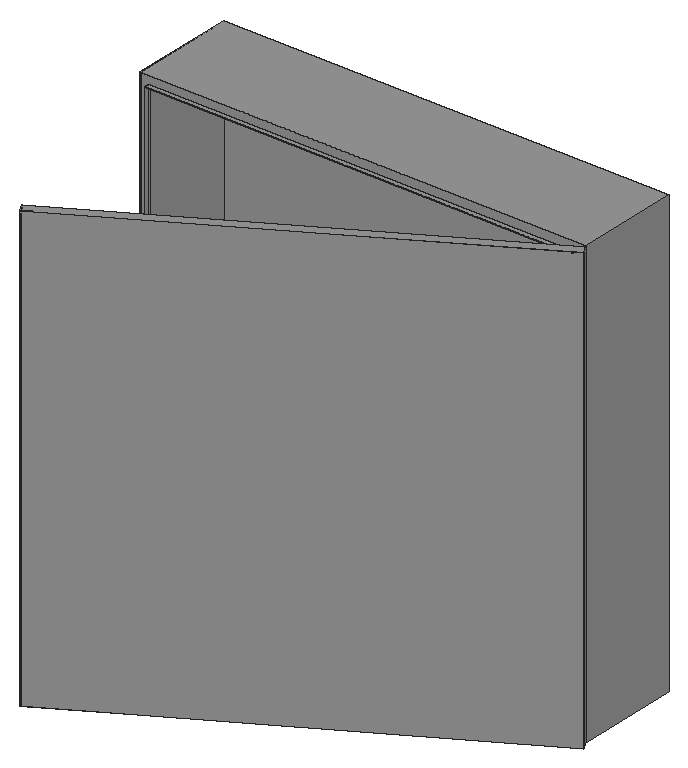
Revit family "Hager-Univers-IP44-D205-H800-Cl.I-Encl-NoHosted-AT-de", category Equipement électrique, Revit 2020
Family settings
  Configuration du panneau = Deux colonnes, circuits au sein
  Cote de connecteur circulaire = Utiliser le diamètre
  Type d'élément = Tableau de raccordement
  Basée sur le plan de construction = Oui
  Toujours verticalement = Oui
  Couper avec des vides une fois chargée = Non
  Partagée = Non
  Point de calcul de pièce = Non
Parameters (values of type "Aufputz IP44 B800 H800 T205  - FP53TN2")
  Width Control [instance] = if([EF000008 - Breite] > Min Width, [EF000008 - Breite], Min Width)  # 800 mm
  Commentaires du type = [HG000003 - Bereich]  # "Univers"
  Thickness Door [instance] = if([EF009171 - Materialstärke Tür/Deckel] > 3 mm, 3 mm, [EF009171 - Materialstärke Tür/Deckel])  # 1 mm
  Seal Frame Offset [instance] = 17 mm  # constant formula
  Plinth Visibility [instance] = [HG000027 - Sockelhöhe] > 0 mm  # no
  Min Width [instance] = 100 mm  # constant formula
  Min Depth [instance] = (2 * [EF009170 - Materialstärke Gehäuse]) + 1 mm  # 3 mm
  Min Height [instance] = 100 mm  # constant formula
  Internal Frame Depth [instance] = (Door System Depth * 0.5)  # 9 mm
  Panel Name [instance] = ""  # (empty or 0)
  Model = ""
  HG000027 - Sockelhöhe = 0 mm
  HG000026 - Stehend auf dem Boden = no
  HG000024 - Höhe des unteren Teils = 600 mm
  HG000023 - Gehäuse mit doppeltem Querschnitt = no
  HG000016 - 3D-Türsichtbarkeit [instance] = yes
  HG000015 - Sichtbarkeit der Türöffnung [instance] = no
  HG000014 - Tür rechts [instance] = yes
  HG000013 - Tür links [instance] = not([HG000014 - Tür rechts])  # no
  HG000012 - Türschwenkwinkel [instance] = 30.00°
  HG000010 - Asymmetrische Türen = no
  HG000009 - Doppelflügeligen Tür = no
  HG000006 - Unterputz = no
  HG000004 - Herstellerreferenz = "FP53TN2"
  HG000003 - Bereich = "Univers"
  HG000002 - Mit tür = yes
  Frame Offset Bottom [instance] = 10 mm  # constant formula
  Frame Offset [instance] = 15 mm  # constant formula
  EF015940 - Deckel mit Überdruckentlastung = no
  EF011959 - Schutzart (NEMA) = ""
  EF009554 - Anzahl der Öffnungen für Flanschplatten = 6
  EF009212 - Ausführung Deckel = "EV000116 - geschlossen"
  EF009171 - Materialstärke Tür/Deckel = 1 mm
  EF009170 - Materialstärke Gehäuse = 1 mm
  EF008873 - Nennstrom (In) = 250 A
  EF007800 - Geeignet für Blitzschutz = no
  EF006306 - Mit Schloss = no
  EF006244 - Transparenter Deckel/Tür = no
  EF005474 - Schutzart (IP) = "EV006418 - IP44"
  EF004464 - Art der Tür = "EV002646 - Einzel"
  EF004427 - Anzahl der Module = 180
  EF004293 - Schlagfestigkeit = "EV006815 - IK09"
  EF003532 - Geeignet für Außengebrauch = no
  EF002950 - Breite in Teilungseinheiten = 36
  EF001613 - Funktionserhalt = "EV000494 - ohne"
  EF001596 - Werkstoff des Gehäuses = "EV000179 - Stahl"
  EF001131 - Innentiefe = 205 mm
  EF001088 - Anbaumöglichkeit = yes
  EF000437 - Anzahl der Leitungseinführungen = 6
  EF000339 - Art der Abdeckung = "EV001012 - Deckel"
  EF000266 - Anzahl der Reihen = 5
  EF000218 - Einbautiefe = 205 mm
  EF000118 - Mit Montageplatte = no
  EF000116 - RAL-Nummer = "9010"
  EF000049 - Tiefe = 205 mm
  EF000040 - Höhe = 800 mm
  EF000008 - Breite = 800 mm
  EF000007 - Farbe = "EV000202 - weiß"
  EF000003 - Montageart = "EV000384 - Aufputz"
  Door System Leaf Tolerance [instance] = 1.5 mm  # constant formula
  Door System Depth [instance] = 18 mm  # constant formula
  Door Height [instance] = Height Control - [HG000027 - Sockelhöhe]  # 800 mm
  Description = ""
  Default Elevation = 1219.2 mm
  Connector Offset [instance] = Height Control / 2  # 400 mm
  Fabricant = "Hager"  # constant formula
  Height Control [instance] = if([EF000040 - Höhe] > Min Height, [EF000040 - Höhe], Min Height)  # 800 mm
  Depth Control [instance] = if([EF000049 - Tiefe] > Min Depth, [EF000049 - Tiefe], Min Depth)  # 205 mm
  Bottom Top Plate Trim [instance] = 1.5 mm  # constant formula
  Plinth height Ctrl [instance] = if([HG000027 - Sockelhöhe] > 0 mm, [HG000027 - Sockelhöhe], 12 mm)  # 12 mm
Types (4, lengths in mm): name | Width Control | HG000009 - Doppelflügeligen Tür | HG000004 - Herstellerreferenz | EF009554 - Anzahl der Öffnungen für Flanschplatten | EF004464 - Art der Tür | EF004427 - Anzahl der Module | EF002950 - Breite in Teilungseinheiten | EF000437 - Anzahl der Leitungseinführungen | EF000008 - Breite
  Aufputz IP44 B1050 H800 T205  - FP54TN2 | 1050 | yes | "FP54TN2" | 8 | "EV003602 - Doppel" | 240 | 48 | 8 | 1050
  Aufputz IP44 B300 H800 T205  - FP51TN2 | 300 | no | "FP51TN2" | 2 | "EV002646 - Einzel" | 60 | 12 | 2 | 300
  Aufputz IP44 B550 H800 T205  - FP52TN2 | 550 | no | "FP52TN2" | 4 | "EV002646 - Einzel" | 120 | 24 | 4 | 550
  Aufputz IP44 B800 H800 T205  - FP53TN2 | 800 | no | "FP53TN2" | 6 | "EV002646 - Einzel" | 180 | 36 | 6 | 800
Reference planes
  plane 1 "Center (Front/Back)": y = 0
  plane 2: z = 0
  plane 3 "Center (Left/Right)": x = 0
  plane 4: y = 0
  plane 5: y = 0
  plane 6: z = 0
  plane 7: x = -400
  plane 8: x = 400
  plane 9: x = 399
  plane 10: x = -399
  plane 11: z = 0
  plane 12: z = 1
  plane 13: y = -205
  plane 14: y = -1
  plane 15: x = 0
  plane 16: y = -187
  plane 17: y = -204
  plane 18: y = -186
  plane 19: x = -384
  plane 20: x = 384
  plane 21: z = 11
  plane 22: x = -383
  plane 23: x = 383
  plane 24: z = 0
  plane 25: z = 800
  plane 26: z = 800
  plane 27: z = 784
  plane 28: z = 799
Forms (mm)
  Extrusion 1, solid, material "Hager_Steel_RAL7035_Light_Grey", detail levels medium+fine
    sketch origin (-208.679, -4572, 0) x (-1, 0, 0) y (0, -1, 0)
      loop
        line (191.321, -4385) -> (-608.679, -4385) -> (-608.679, -4572) -> (191.321, -4572) -> (191.321, -4385)
    from 0 to 800
  Extrusion 2, void
    sketch origin (-350.771, -205, 1219.2) x (1, 0, 0) y (0, 0, 1)
      loop
        line (-48.229, -420.2) -> (-48.229, -1218.2) -> (749.771, -1218.2) -> (749.771, -420.2) -> (-48.229, -420.2)
    from -19 to -204
  Extrusion 3, void
    sketch origin (-290.084, -187, 1219.2) x (1, 0, 0) y (0, 0, 1)
      loop
        line (-93.916, -1208.2) -> (674.084, -1208.2) -> (674.084, -435.2) -> (-93.916, -435.2) -> (-93.916, -1208.2)
    from 0 to -1
  Extrusion 4, solid, material "Hager_Steel_RAL7035_Light_Grey", visible <- "Plinth Visibility", detail levels medium+fine
    sketch origin (0, 0, 0) x (1, 0, 0) y (0, 1, 0)
      loop
        line (-400, 0) -> (-400, -187) -> (400, -187) -> (400, 0) -> (-400, 0)
    from 0 to 12 <- "Plinth height Ctrl"
  Extrusion 5, solid, material "Hager_Steel_RAL7035_Light_Grey", detail levels coarse
    sketch origin (0, 0, 0) x (1, 0, 0) y (0, 1, 0)
      loop
        line (-400, 0) -> (-400, -205) -> (400, -205) -> (400, 0) -> (-400, 0)
    from 0 to 800 <- "Height Control"
  Sweep 6, void
    path in 3D
      loop
        line (-400, -187, 12) -> (400, -187, 12) -> (400, 0, 12) -> (-400, 0, 12) -> (-400, -187, 12)
    profile origin (-400, -93.5, 12) x (1, 0, 0) y (0, 0, 1)
      loop
        line (0, 0) -> (0, -1.5) -> (1.5, -1.5)
        arc (1.5, -1.5) -> (1.061, -0.439) -> (0, 0) r 1.5
  Extrusion 7, solid, material "Hager_Steel_RAL7035_Light_Grey", detail levels fine
    sketch origin (-400, -187, 0) x (1, 0, 0) y (0, 0, 1)
      loop
        line (16, 11) -> (784, 11) -> (784, 784) -> (16, 784) -> (16, 11)
      loop
        line (15, 10) -> (785, 10) -> (785, 785) -> (15, 785) -> (15, 10)
    from 0 to 9 <- "Internal Frame Depth"
Cuts and joins
  Extrusion 2, Extrusion 3 cuts Extrusion 1
  Sweep 6 cuts Extrusion 4
Lines and regions (mm)
  Masking region 1
    outline origin (0, 0, 0) x (1, 0, 0) y (0, 1, 0)
      loop
        line (-400, 0) -> (-400, -205) -> (400, -205) -> (400, 0) -> (-400, 0)
  Masking region 2, detail levels coarse
    outline origin (-290.084, -187, 1219.2) x (-1, 0, 0) y (0, 0, 1)
      loop
        line (-690.084, -1219.2) -> (109.916, -1219.2) -> (109.916, -419.2) -> (-690.084, -419.2) -> (-690.084, -1219.2)
  Masking region 3, detail levels coarse
    outline origin (0, 0, 0) x (0, 1, 0) y (0, 0, 1)
      loop
        line (0, 0) -> (0, 800) -> (-205, 800) -> (-205, 0) -> (0, 0)
  Masking region 4, visible <- "Plinth Visibility", detail levels medium+fine
    outline origin (0, 0, 0) x (0, 1, 0) y (0, 0, 1)
      loop
        line (-1.5, 12) -> (-185.5, 12)
        arc (-185.5, 12) -> (-185.939, 10.939) -> (-187, 10.5) r 1.5
        line (-187, 10.5) -> (-187, 0) -> (0, 0) -> (0, 10.5)
        arc (0, 10.5) -> (-1.061, 10.939) -> (-1.5, 12) r 1.5
  Masking region 5, detail levels medium+fine
    outline origin (0, 0, 594.038) x (0, 1, 0) y (0, 0, 1)
      loop
        line (0, -594.038) -> (0, 205.962) -> (-187, 205.962) -> (-187, -594.038) -> (0, -594.038)
  Masking region 6, detail levels medium+fine
    outline origin (-359.7, -187, 1211.883) x (-1, 0, 0) y (0, 0, 1)
      loop
        line (-759.7, -1211.883) -> (40.3, -1211.883) -> (40.3, -411.883) -> (-759.7, -411.883) -> (-759.7, -1211.883)
  Masking region 7, visible <- "Plinth Visibility", detail levels medium+fine
    outline origin (-320.334, -187, 1041.368) x (-1, 0, 0) y (0, 0, 1)
      loop
        line (-720.334, -1041.368) -> (79.666, -1041.368) -> (79.666, -1030.868)
        arc (79.666, -1030.868) -> (78.606, -1030.429) -> (78.166, -1029.368) r 1.5
        line (78.166, -1029.368) -> (-718.834, -1029.368)
        arc (-718.834, -1029.368) -> (-719.273, -1030.429) -> (-720.334, -1030.868) r 1.5
        line (-720.334, -1030.868) -> (-720.334, -1041.368)
  sketch lines
    curve 1: line (-400, 0, 12) -> (-400, -187, 12)
    curve 2: line (-400, -187, 12) -> (400, -187, 12)
    curve 3: line (400, 0, 12) -> (-400, 0, 12)
    curve 4: line (400, -187, 12) -> (400, 0, 12)
Dimensions and locks
  locked: plane 1 "Center (Front/Back)" to plane 5
  "EF009170 - Materialstärke Gehäuse": plane 7 to plane 10
  "EF009170 - Materialstärke Gehäuse": plane 8 to plane 9
  equal spacing: plane 7, plane 3 "Center (Left/Right)", plane 8
  "Width Control": plane 7 to plane 8
  "Depth Control": plane 4 to plane 13
  "EF009170 - Materialstärke Gehäuse": plane 4 to plane 14
  "Height Control": plane 25 to level
  "HG000027 - Sockelhöhe": plane 11 to level
  "EF009170 - Materialstärke Gehäuse": plane 12 to plane 11
  "EF009170 - Materialstärke Gehäuse": plane 17 to plane 13
  "EF009170 - Materialstärke Gehäuse": plane 18 to plane 16
  "Frame Offset Bottom": plane 21 to plane 12
  "Frame Offset": plane 10 to plane 19
  "Frame Offset": plane 9 to plane 20
  "Door System Depth": plane 16 to plane 13
  "Seal Frame Offset": plane 7 to plane 22
  "Seal Frame Offset": plane 8 to plane 23
  "EF009170 - Materialstärke Gehäuse": plane 26 to plane 28
  "Frame Offset": plane 28 to plane 27
  "Connector Offset": plane 2 to connector elem
  "Bottom Top Plate Trim": profile plane to Sweep 6 sketch curve
  "Bottom Top Plate Trim": Sweep 6 sketch curve to Sweep 6 sketch curve
  "Plinth height Ctrl": Masking region 4 sketch curve to level
  "Plinth height Ctrl": Masking region 7 sketch curve to level
  "Thickness Door": Extrusion 7 sketch curve to Extrusion 7 sketch curve  (x4)
  "Bottom Top Plate Trim": radius of Sweep 6 sketch curve
  "Bottom Top Plate Trim": radius of Masking region 4 sketch curve  (x2)
  "Bottom Top Plate Trim": radius of Masking region 7 sketch curve  (x2)
  aligned and locked: Extrusion 2 sketch curve to plane 12
  aligned and locked: Extrusion 2 sketch curve to plane 9
  aligned and locked: Extrusion 2 sketch curve to plane 10
  aligned and locked: Extrusion 2 to plane 14
  aligned and locked: Extrusion 1 sketch curve to plane 4
  aligned and locked: plane 8 to Extrusion 1 sketch curve
  aligned and locked: plane 7 to Extrusion 1 sketch curve
  aligned and locked: Extrusion 2 to plane 18
  aligned and locked: Extrusion 3 sketch curve to plane 19
  aligned and locked: plane 20 to Extrusion 3 sketch curve
  aligned and locked: Extrusion 3 to Extrusion 2
  aligned and locked: Extrusion 3 sketch curve to plane 21
  aligned and locked: plane 3 "Center (Left/Right)" to nested 1
  aligned and locked: Extrusion 1 sketch curve to plane 16
  aligned and locked: Extrusion 4 sketch curve to cut or joined group of Extrusion 1, Extrusion 2, Extrusion 3
  aligned and locked: Masking region 1 sketch curve to plane 7
  aligned and locked: Masking region 1 sketch curve to plane 5
  aligned and locked: Masking region 1 sketch curve to plane 8
  aligned and locked: Masking region 2 sketch curve to level
  aligned and locked: level to Masking region 3 sketch curve
  aligned and locked: plane 1 "Center (Front/Back)" to Masking region 3 sketch curve
  aligned and locked: plane 13 to Masking region 3 sketch curve
  aligned and locked: plane 5 to Masking region 4 sketch curve
  aligned and locked: Masking region 2 sketch curve to plane 8
  aligned and locked: Masking region 2 sketch curve to plane 7
  aligned and locked: plane 7 to nested 2
  aligned and locked: nested 2 to plane 5
  aligned and locked: plane 5 to Masking region 5 sketch curve
  aligned and locked: plane 26 to Masking region 5 sketch curve
  aligned and locked: Extrusion 5 sketch curve to plane 8
  aligned and locked: Extrusion 5 sketch curve to plane 7
  aligned and locked: Extrusion 5 sketch curve to plane 5
  aligned and locked: Extrusion 3 sketch curve to plane 27
  aligned and locked: Extrusion 2 sketch curve to plane 28
  aligned and locked: Masking region 2 to plane 25
  aligned and locked: Extrusion 4 to plane 16
  aligned and locked: profile plane to Sweep 6 sketch curve
  aligned and locked: Masking region 5 sketch curve to plane 24
  aligned and locked: level to Masking region 4 sketch curve
  aligned and locked: Masking region 1 to plane 13
  aligned and locked: nested 1 to plane 16
  aligned and locked: Masking region 3 to plane 25
  aligned and locked: plane 16 to Masking region 4 sketch curve
  aligned and locked: Masking region 5 sketch curve to plane 16
  aligned and locked: plane 24 to plane 11
  aligned and locked: plane 26 to plane 25
  aligned and locked: plane 26 to cut or joined group of Extrusion 1, Extrusion 2, Extrusion 3
  aligned and locked: nested 1 to plane 24
  aligned and locked: Extrusion 1 to Extrusion 3
  aligned and locked: Masking region 6 sketch curve to plane 8
  aligned and locked: Masking region 6 sketch curve to plane 24
  aligned and locked: Masking region 6 sketch curve to plane 7
  aligned and locked: Masking region 6 sketch curve to plane 26
  aligned and locked: Masking region 7 sketch curve to plane 7
  aligned and locked: level to Masking region 7 sketch curve
  aligned and locked: Masking region 7 sketch curve to plane 8
  aligned and locked: Extrusion 7 sketch curve to cut or joined group of Extrusion 1, Extrusion 2, Extrusion 3  (x4)
Automatic sketch dimensions
  plane 19 to Extrusion 3 sketch curve = 0 mm
  Extrusion 3 sketch curve to plane 20 = 0 mm
  Extrusion 3 sketch curve to plane 21 = 0 mm
  Extrusion 4 sketch curve to plane 7 = 0 mm
  Extrusion 4 sketch curve to plane 8 = 0 mm
  Extrusion 4 sketch curve to plane 16 = 0 mm
  Masking region 1 sketch curve to plane 13 = 0 mm
  Masking region 2 sketch curve to plane 25 = 0 mm
  Masking region 3 sketch curve to plane 25 = 0 mm
  Extrusion 5 sketch curve to plane 13 = 0 mm
  profile plane to Sweep 6 sketch curve = 0 mm
Nested families
  nested 1: "EC000058_Univers_Door" at (0, -187, 0), Double <- "HG000009 - Doppelflügeligen Tür", Transparent <- "EF006244 - Transparenter Deckel/Tür", Angle <- "HG000012 - Türschwenkwinkel", Door_Right <- "HG000014 - Tür rechts", Assymetrical <- "HG000010 - Asymmetrische Türen", Door <- "HG000002 - Mit tür", Width_Ctrl <- "Width Control", 3d_Door <- "HG000016 - 3D-Türsichtbarkeit", Clearance <- "HG000015 - Sichtbarkeit der Türöffnung", Door_Left <- "HG000013 - Tür links", Width <- "Width Control", Door_Depth <- "Door System Depth", Leaf_Tolerance <- "Door System Leaf Tolerance", Height <- "Door Height", Lock_Visibility <- "EF006306 - Mit Schloss", Thickness <- "Thickness Door", type "EC000058_Univers_Door", detail levels medium+fine
    with min_wh 3 mm, Width_Ctrl 800 mm, Width 800 mm, Transparent no, Thickness 1 mm, Seal_Material Hager_Rubber, Lock_Visibility no, Lock_Material Hager_Plastic_RAL9005_Jet_Black, Leaf_Width 800 mm, Leaf_Tolerance_External_Sides 0 mm, Leaf_Tolerance 1.5 mm, Leaf_Offset 0 mm, Leaf_Height 797 mm, Leaf_2_Width 800 mm, Leaf_2_Offset 400 mm, Leaf_1_Width 800 mm, Leaf_1_Offset 400 mm, Height_Ctrl 800 mm, Height 800 mm, Glass_Material Hager_Glass, Double_Clearance_Ctrl no, Double no, Door_Right_Ctrl yes, Door_Right yes, Door_Material Hager_Steel_RAL7035_Light_Grey, Door_Left_Ctrl no, Door_Left no, Door_Depth 18 mm, Door yes, Clearance_Material Hager_Clearance, Clearance_Depth 800 mm, Clearance_Ctrl no, Clearance no, Assymetrical no, Angle 30.00°, 3d_Door yes
  nested 2: "Hager_Enclosure_Symbol" at (-400, 0, 0), Height <- "Depth Control", Width <- "Width Control", type "Hager_Enclosure_Symbol"
    with Width_Ctrl 800 mm, Width 800 mm, Height_Ctrl 205 mm, Height 205 mm, A_Width_Int 13.453 mm, A_Width 161.438 mm, A_Height_Ctrl 179.375 mm, A_Height 179.375 mm
Connectors
  electrical at (0, 0, 400)
    settings: on plane 1 "Center (Front/Back)", index 1, voltage 0 V, apparent load 0 VA, apparent load phase1 0 VA, apparent load phase2 0 VA, apparent load phase3 0 VA, power factor 1, load classification "Other", number of poles 1, system type 30, power factor state 1, is connector primary yes, connector utility no, sub classification motor no, connector description ""
Definition of nested family "EC000058_Univers_Door"
  Parameters (values of type "EC000058_Univers_Door")
    min_wh [instance] = (2 * Thickness) + 1 mm  # 11 mm
    Width_Ctrl [instance] = 400 mm
    Width [instance] = 500 mm
    Transparent [instance] = yes
    Thickness [instance] = 5 mm
    Seal_Material [instance] = none
    Lock_Visibility [instance] = yes
    Lock_Material [instance] = none
    Leaf_Width [instance] = if((Width_Ctrl - 2 * Leaf_Tolerance_External_Sides) > 0 mm, (Width_Ctrl - 2 * Leaf_Tolerance_External_Sides), min_wh)  # 400 mm
    Leaf_Tolerance_External_Sides [instance] = 0 mm  # constant formula
    Leaf_Tolerance [instance] = 1.5 mm
    Leaf_Offset [instance] = 0 mm  # constant formula
    Leaf_Height [instance] = if((Height_Ctrl - 2 * Leaf_Tolerance) > 0 mm, (Height_Ctrl - 2 * Leaf_Tolerance), min_wh)  # 497 mm
    Leaf_2_Width [instance] = if(and(and(Double, Assymetrical), Door_Left), (Leaf_Width / 3) - (Leaf_Tolerance / 2), if(and(and(Double, Assymetrical), Door_Right), (Leaf_Width / 3) * 2 - (Leaf_Tolerance / 2), if(and(Double, not(Assymetrical)), (Leaf_Width / 2) - Leaf_Tolerance, Leaf_Width)))  # 400 mm
    Leaf_2_Offset [instance] = if(and(Double, Assymetrical), Leaf_2_Width / 2, if(and(Double, not(Assymetrical)), Leaf_Width / 4, Leaf_Width / 2))  # 200 mm
    Leaf_1_Width [instance] = if(and(and(Double, Assymetrical), Door_Right), (Leaf_Width / 3) - (Leaf_Tolerance / 2), if(and(and(Double, Assymetrical), Door_Left), (Width / 3) * 2 - (Leaf_Tolerance / 2), if(and(Double, not(Assymetrical)), (Leaf_Width / 2) - Leaf_Tolerance, Leaf_Width)))  # 400 mm
    Leaf_1_Offset [instance] = if(and(Double, Assymetrical), Leaf_1_Width / 2, if(and(Double, not(Assymetrical)), Leaf_Width / 4, Leaf_Width / 2))  # 200 mm
    Height_Ctrl [instance] = if(Height > min_wh, Height, min_wh)  # 500 mm
    Height [instance] = 500 mm
    Glass_Material [instance] = none
    Double_Clearance_Ctrl [instance] = and(Double, Clearance)  # no
    Double [instance] = no
    Door_Right_Ctrl [instance] = and(or(Door_Right, Double), Door)  # yes
    Door_Right [instance] = yes
    Door_Material [instance] = none
    Door_Left_Ctrl [instance] = and(or(Door_Left, Double), Door)  # no
    Door_Left [instance] = no
    Door_Depth [instance] = 30 mm
    Door [instance] = yes
    Default Elevation = 1219.2 mm
    Clearance_Material [instance] = none
    Clearance_Depth [instance] = if(Leaf_1_Width > Leaf_2_Width, Leaf_1_Width, Leaf_2_Width)  # 400 mm
    Clearance_Ctrl [instance] = and(not(Double), Clearance)  # yes
    Clearance [instance] = yes
    Assymetrical [instance] = yes
    Angle [instance] = 30.00°
    3d_Door [instance] = yes
  Reference planes
    plane 1 "Center (Front/Back)": y = 0
    plane 2 "Bottom": z = 0
    plane 3 "Center (Left/Right)": x = 0
    plane 4: z = 500
    plane 5: x = -200
    plane 6: x = 200
    plane 7: z = 500
    plane 8: x = -200
    plane 9: z = 0
    plane 10: x = 200
    plane 11: y = 0
    plane 12: z = 1.5
    plane 13: x = -600
    plane 14: y = -400
    plane 15: x = 600
    plane 16: x = 0
    plane 17: x = 0
    plane 18: x = -200
    plane 19: x = 200
    plane 20: z = 498.5
  Forms (mm)
    Extrusion 1, solid, material <- "Clearance_Material", visible <- "Double_Clearance_Ctrl"
      sketch origin (1200, 0, 0) x (1, 0, 0) y (0, 0, -1)
        loop
          line (-1800, -498.5) -> (-600, -498.5) -> (-600, 0) -> (-1800, 0) -> (-1800, -498.5)
      from 0 to -400
  Dimensions and locks
    equal spacing: plane 5, plane 3 "Center (Left/Right)", plane 6
    "Width_Ctrl": plane 5 to plane 6
    "Leaf_Offset": plane 5 to plane 8
    "Leaf_Offset": plane 6 to plane 10
    "Leaf_Offset": plane 9 to level
    "Leaf_Offset": plane 4 to plane 7
    "Height_Ctrl": plane 4 to level
    "Leaf_Tolerance": plane 12 to plane 9
    locked: plane 11 to plane 1 "Center (Front/Back)"
    "Leaf_1_Offset": plane 18 to plane 16
    "Leaf_2_Offset": plane 17 to plane 19
    "Leaf_1_Width": plane 13 to plane 8
    "Leaf_2_Width": plane 10 to plane 15
    "Clearance_Depth": plane 14 to plane 1 "Center (Front/Back)"
    "Leaf_Tolerance_External_Sides": plane 8 to plane 18
    "Leaf_Tolerance_External_Sides": plane 19 to plane 10
    "Leaf_Tolerance": plane 7 to plane 20
    aligned and locked: level to plane 2 "Bottom"
    aligned and locked: nested 1 to plane 16
    aligned and locked: nested 2 to plane 17
    aligned and locked: Extrusion 1 to plane 13
    aligned and locked: plane 15 to Extrusion 1
    aligned and locked: Extrusion 1 to plane 14
    aligned and locked: plane 12 to nested 1
    aligned and locked: nested 2 to plane 12
    aligned and locked: Extrusion 1 to plane 11
    aligned and locked: plane 20 to Extrusion 1
    aligned and locked: nested 2 to plane 11
    aligned and locked: nested 1 to plane 11
  Automatic sketch dimensions
    Extrusion 1 sketch curve to level = 0 mm
    plane 5 to Extrusion 1 sketch curve = 400 mm
    plane 6 to Extrusion 1 sketch curve = 400 mm
    Extrusion 1 sketch curve to plane 4 = 1.5 mm
  Nested families
    nested 1: "EC000058_Univers_Door_Leaf" at (0, 0, 1.5), Width <- "Leaf_1_Width", visible <- "Door_Left_Ctrl", Leaf_Height <- "Leaf_Height", Angle <- "Angle", 3d_Door <- "3d_Door", Transparent <- "Transparent", Clearance Material <- "Clearance_Material", Clearance <- "Clearance_Ctrl", Door_Material <- "Door_Material", Glass_Material <- "Glass_Material", Door_Depth <- "Door_Depth", Lock_Material <- "Lock_Material", Seal_Material <- "Seal_Material", Lock_Visibility <- "Lock_Visibility", Thickness <- "Thickness", type "EC000058_Univers_Door_Leaf"
      with Width 400 mm, Transparent_Glass_Offset 30 mm, Transparent_Ctrl yes, Transparent yes, Thickness 5 mm, Standard no, Seal_Material none, Seal_D2 8 mm, Seal_D1 1 mm, Offset_Internal_Frame 10 mm, Lock_Width 20 mm, Lock_Visibility_3d yes, Lock_Visibility yes, Lock_Thickness_3 3 mm, Lock_Thickness_2 1 mm, Lock_Thickness_1 3 mm, Lock_Radius_Offset_2 16 mm, Lock_Radius_Offset_1 15 mm, Lock_Radius_2 5 mm, Lock_Radius 6 mm, Lock_Offset 5 mm, Lock_Material none, Lock_Height 80 mm, Lock_Cover_Top_Offset_2d 17 mm, Lock_Cover_Height -65 mm, Leaf_Height 497 mm, Internal_Seal_Thickness 8 mm, Internal_Seal_Depth_2 4.5 mm, Internal_Frame_Depth 25 mm, Glass_Thickness -1 mm, Glass_Offset -2 mm, Glass_Material none, Door_Material none, Door_Depth 30 mm, Clearance Material none, Clearance yes, Angle_Ctrl 30.00°, Angle 30.00°, 3d_Door yes
    nested 2: "EC000058_Univers_Door_Leaf" at (0, 0, 1.5) x (-1, 0, 0) z (0, 0, 1), Width <- "Leaf_2_Width", visible <- "Door_Right_Ctrl", Leaf_Height <- "Leaf_Height", Angle <- "Angle", 3d_Door <- "3d_Door", Transparent <- "Transparent", Clearance Material <- "Clearance_Material", Clearance <- "Clearance_Ctrl", Door_Material <- "Door_Material", Glass_Material <- "Glass_Material", Door_Depth <- "Door_Depth", Lock_Material <- "Lock_Material", Seal_Material <- "Seal_Material", Lock_Visibility <- "Lock_Visibility", Thickness <- "Thickness", type "EC000058_Univers_Door_Leaf"
      with Width 400 mm, Transparent_Glass_Offset 30 mm, Transparent_Ctrl yes, Transparent yes, Thickness 5 mm, Standard no, Seal_Material none, Seal_D2 8 mm, Seal_D1 1 mm, Offset_Internal_Frame 10 mm, Lock_Width 20 mm, Lock_Visibility_3d yes, Lock_Visibility yes, Lock_Thickness_3 3 mm, Lock_Thickness_2 1 mm, Lock_Thickness_1 3 mm, Lock_Radius_Offset_2 16 mm, Lock_Radius_Offset_1 15 mm, Lock_Radius_2 5 mm, Lock_Radius 6 mm, Lock_Offset 5 mm, Lock_Material none, Lock_Height 80 mm, Lock_Cover_Top_Offset_2d 17 mm, Lock_Cover_Height -65 mm, Leaf_Height 497 mm, Internal_Seal_Thickness 8 mm, Internal_Seal_Depth_2 4.5 mm, Internal_Frame_Depth 25 mm, Glass_Thickness -1 mm, Glass_Offset -2 mm, Glass_Material none, Door_Material none, Door_Depth 30 mm, Clearance Material none, Clearance yes, Angle_Ctrl 30.00°, Angle 30.00°, 3d_Door yes
  Definition of nested family "EC000058_Univers_Door_Leaf"
    Parameters (values of type "EC000058_Univers_Door_Leaf")
      Width [instance] = 2000 mm
      Transparent_Glass_Offset [instance] = 30 mm
      Transparent_Ctrl [instance] = and(Transparent, [3d_Door])  # yes
      Transparent [instance] = yes
      Thickness [instance] = 5 mm
      Standard [instance] = and(not(Transparent), [3d_Door])  # no
      Seal_Material [instance] = none
      Seal_D2 [instance] = 8 mm  # constant formula
      Seal_D1 [instance] = 1 mm  # constant formula
      Offset_Internal_Frame [instance] = 10 mm  # constant formula
      Lock_Width [instance] = 20 mm  # constant formula
      Lock_Visibility_3d [instance] = and(Lock_Visibility, [3d_Door])  # yes
      Lock_Visibility [instance] = yes
      Lock_Thickness_3 [instance] = 3 mm  # constant formula
      Lock_Thickness_2 [instance] = 1 mm  # constant formula
      Lock_Thickness_1 [instance] = 3 mm  # constant formula
      Lock_Radius_Offset_2 [instance] = Lock_Radius_Offset_1 + 1 mm  # 16 mm
      Lock_Radius_Offset_1 [instance] = 15 mm  # constant formula
      Lock_Radius_2 [instance] = Lock_Radius - 1 mm  # 5 mm
      Lock_Radius [instance] = 6 mm  # constant formula
      Lock_Offset [instance] = 5 mm  # constant formula
      Lock_Material [instance] = none
      Lock_Height [instance] = 80 mm  # constant formula
      Lock_Cover_Top_Offset_2d [instance] = Lock_Radius_Offset_2 + 1 mm  # 17 mm
      Lock_Cover_Height [instance] = -(Lock_Height - Lock_Radius_Offset_1)  # -65 mm
      Leaf_Height [instance] = 2720.336 mm
      Internal_Seal_Thickness [instance] = 8 mm  # constant formula
      Internal_Seal_Depth_2 [instance] = 4.5 mm  # constant formula
      Internal_Frame_Depth [instance] = if(Door_Depth - Thickness > 5 mm, Door_Depth - Thickness, 5 mm)  # 25 mm
      Glass_Thickness [instance] = if(Thickness > 15 mm, Glass_Offset + 10 mm, -1 mm)  # -1 mm
      Glass_Offset [instance] = if(Thickness > 15 mm, -(Thickness + 10 mm) / 2, -2 mm)  # -2 mm
      Glass_Material [instance] = none
      Door_Material [instance] = none
      Door_Depth [instance] = 30 mm
      Default Elevation = 0 mm
      Clearance Material [instance] = none
      Clearance [instance] = yes
      Angle_Ctrl [instance] = if(Angle > 180.00°, 180.00°, Angle)  # 90.00°
      Angle [instance] = 90.00°
      3d_Door [instance] = yes
    Reference planes
      plane 1 "Center (Front/Back)": y = 0
      plane 2: z = 0
      plane 3 "Center (Left/Right)": x = 0
      plane 4: y = 2000
      plane 5: x = -1000
      plane 6: x = 1000
      plane 7: x = -3000
      plane 8: z = 2720.336
      plane 9: z = 30
      plane 10: z = 2690.336
      plane 11: x = 970
      plane 12: x = -970
      plane 13: y = -3
      plane 14: z = 107.833
      plane 15: y = -5
      plane 16: y = -223.314
      plane 17: x = -1000
      plane 18: z = 1360.168
      plane 19: y = 30
    Forms (mm)
      Extrusion 1, solid, material <- "Clearance Material", visible <- "Clearance"
        sketch origin (0, 0, 0) x (1, 0, 0) y (0, 0, 1)
          loop
            line (-3000, 2720.336) -> (-3000, 0) -> (1000, 0) -> (1000, 2720.336) -> (-3000, 2720.336)
        from 0 to -2000
      Extrusion 2, solid, material <- "Door_Material", visible <- "Standard", detail levels medium+fine
        sketch origin (-1000, 0, 0) x (0, 1, 0) y (-1, 0, 0)
          loop
            line (0, 30) -> (0, 25) -> (2000, 25) -> (2000, 30) -> (0, 30)
        from 0 to 2720.336 <- "Leaf_Height"
      Extrusion 3, solid, material <- "Door_Material", visible <- "Transparent_Ctrl", detail levels medium+fine
        sketch origin (-1000, 0, 0) x (0, 1, 0) y (-1, 0, 0)
          loop
            line (0, 25) -> (2000, 25) -> (2000, 30) -> (0, 30) -> (0, 25)
        from 0 to 2720.336 <- "Leaf_Height"
      Extrusion 4, void
        sketch origin (-1025, 2000, 0) x (0, 1, 0) y (0, 0, -1)
          loop
            line (-30, -2690.336) -> (-30, -30) -> (-1970, -30) -> (-1970, -2690.336) -> (-30, -2690.336)
        from 0 to 5 <- "Thickness"
      Sweep 5, solid, material <- "Seal_Material", visible <- "Transparent_Ctrl", detail levels fine
        path in 3D
          loop
            line (-1025, 30, 30) -> (-1025, 30, 2690.336) -> (-1025, 1970, 2690.336) -> (-1025, 1970, 30) -> (-1025, 30, 30)
        profile origin (-1025, 1000, 30) x (1, 0, 0) y (0, 0, 1)
          loop
            line (0, 0) -> (0, -8) -> (1, -8) -> (1, 0) -> (0, 0)
      Extrusion 6, solid, material <- "Glass_Material", visible <- "Transparent_Ctrl", detail levels medium+fine
        sketch origin (-1030, 0, 0) x (0, 1, 0) y (0, 0, -1)
          loop
            line (1970, -2690.336) -> (1970, -30) -> (30, -30) -> (30, -2690.336) -> (1970, -2690.336)
        from -2 <- "Glass_Offset" to -1 <- "Glass_Thickness"
      Extrusion 7, solid, material <- "Door_Material", visible <- "3d_Door", detail levels medium+fine
        sketch origin (-1025, 2000, 0) x (0, -1, 0) y (0, 0, -1)
          loop
            line (0, -2720.336) -> (2000, -2720.336) -> (2000, 0) -> (0, 0) -> (0, -2720.336)
          loop
            line (1995, -5) -> (5, -5) -> (5, -2715.336) -> (1995, -2715.336) -> (1995, -5)
        from 0 to 25 <- "Internal_Frame_Depth"
      Sweep 8, solid, material <- "Seal_Material", visible <- "Transparent_Ctrl", detail levels fine
        path in 3D
          loop
            line (-1025, 0, 0) -> (-1025, 2000, 0) -> (-1025, 2000, 2720.336) -> (-1025, 0, 2720.336) -> (-1025, 0, 0)
        profile origin (-1025, 0, 1360.168) x (1, 0, 0) y (0, 1, 0)
          loop
            line (0, 10) -> (2.975, 10)
            arc (2.975, 10) -> (4.053, 10.447) -> (4.5, 11.525) r 1.525
            line (4.5, 11.525) -> (4.5, 16.527)
            arc (4.5, 16.527) -> (4.069, 17.569) -> (3.027, 18) r 1.473
            line (3.027, 18) -> (0, 18) -> (0, 10)
      Extrusion 9, solid, material <- "Lock_Material", visible <- "Lock_Visibility_3d", detail levels fine
        sketch origin (-1030, 0, 0) x (0, 1, 0) y (0, 0, -1)
          loop
            arc (1993.5, -1400.168) -> (1994.561, -1399.729) -> (1995, -1398.668) r 1.5
            line (1995, -1398.668) -> (1995, -1320.168) -> (1975, -1320.168) -> (1975, -1398.668)
            arc (1975, -1398.668) -> (1975.439, -1399.729) -> (1976.5, -1400.168) r 1.5
            line (1976.5, -1400.168) -> (1993.5, -1400.168)
        from 3 <- "Lock_Thickness_1" to 0
      Blend 10, solid, material <- "Lock_Material", visible <- "Lock_Visibility_3d", detail levels fine
        base sketch origin (-1033, 0, 0) x (0, 1, 0) y (0, 0, -1)
          loop
            line (1975, -1320.168) -> (1975, -1398.668)
            arc (1975, -1398.668) -> (1975.439, -1399.729) -> (1976.5, -1400.168) r 1.5
            line (1976.5, -1400.168) -> (1993.5, -1400.168)
            arc (1993.5, -1400.168) -> (1994.561, -1399.729) -> (1995, -1398.668) r 1.5
            line (1995, -1398.668) -> (1995, -1320.168) -> (1975, -1320.168)
        top sketch origin (-1033, 0, 0) x (0, 1, 0) y (0, 0, -1)
          loop
            line (1976, -1320.168) -> (1976, -1398.668)
            arc (1976, -1398.668) -> (1976.146, -1399.022) -> (1976.5, -1399.168) r 0.5
            line (1976.5, -1399.168) -> (1993.5, -1399.168)
            arc (1993.5, -1399.168) -> (1993.854, -1399.022) -> (1994, -1398.668) r 0.5
            line (1994, -1398.668) -> (1994, -1320.168) -> (1976, -1320.168)
        from 0 to 1 <- "Lock_Thickness_2"
      Blend 11, solid, material <- "Lock_Material", visible <- "Lock_Visibility_3d", detail levels fine
        base sketch origin (-1034, 0, 0) x (0, 1, 0) y (0, 0, -1)
          loop
            line (1978, -1320.168) -> (1978, -1384.168)
            arc (1978, -1384.168) -> (1985, -1391.168) -> (1992, -1384.168) r 7
            line (1992, -1384.168) -> (1992, -1320.168) -> (1978, -1320.168)
        top sketch origin (-1034, 0, 0) x (0, 1, 0) y (0, 0, -1)
          loop
            line (1991, -1320.168) -> (1979, -1320.168) -> (1979, -1383.168)
            arc (1979, -1383.168) -> (1985, -1389.168) -> (1991, -1383.168) r 6
            line (1991, -1383.168) -> (1991, -1320.168)
        from 0 to 3 <- "Lock_Thickness_3"
      Extrusion 12, solid, material <- "Lock_Material", visible <- "Lock_Visibility_3d", detail levels fine
        sketch origin (-1030, 1975, 1320.168) x (1, 0, 0) y (0, -1, 0)
          loop
            line (-7, -19) -> (-7, -1) -> (0, -1) -> (0, 0) -> (-8, 0) -> (-8, -20) -> (0, -20) -> (0, -19) -> (-7, -19)
        from 0 to -65 <- "Lock_Cover_Height"
      Extrusion 13, void
        sketch origin (-1038, 1995, 1320.168) x (-1, 0, 0) y (0, 0, -1)
          loop
            line (-5, -65) -> (0, -65) -> (-5, -60) -> (-5, -65)
        from 0 to 20 <- "Lock_Width"
      Extrusion 14, void
        sketch origin (-1038, 1975, 1320.168) x (0, -1, 0) y (0, 0, -1)
          loop
            circle (-10, -15.995) r 6
          loop
            circle (-10, -15.995) r 5
        from 0 to 2
      Extrusion 15, solid, material <- "Lock_Material", visible <- "Lock_Visibility_3d", detail levels medium
        sketch origin (-1030, 0, 0) x (0, 1, 0) y (0, 0, -1)
          loop
            arc (1993.5, -1400.168) -> (1994.561, -1399.729) -> (1995, -1398.668) r 1.5
            line (1995, -1398.668) -> (1995, -1320.168) -> (1975, -1320.168) -> (1975, -1398.668)
            arc (1975, -1398.668) -> (1975.439, -1399.729) -> (1976.5, -1400.168) r 1.5
            line (1976.5, -1400.168) -> (1993.5, -1400.168)
        from 8 to 0
    Cuts and joins
      Extrusion 4 cuts Extrusion 3
      Extrusion 13, Extrusion 14 cuts Extrusion 9
      Extrusion 14 cuts Blend 11
      Extrusion 13, Extrusion 14 cuts Extrusion 12
      joined: Extrusion 9, Blend 10, Blend 11, Extrusion 12
      Extrusion 14 cuts Extrusion 15
    Lines and regions (mm)
      Masking region 1, visible <- "Lock_Visibility", detail levels fine
        outline origin (0, 0, 0) x (0, 1, 0) y (0, 0, 1)
          loop
            line (30, 1320.168) -> (33, 1320.168) -> (33, 1400.168) -> (30, 1400.168) -> (30, 1320.168)
      Masking region 2, visible <- "Lock_Visibility", detail levels fine
        outline origin (0, 3.143, 0) x (0, 1, 0) y (0, 0, 1)
          loop
            line (29.857, 1354.168) -> (30.857, 1354.168) -> (30.857, 1366.168) -> (29.857, 1366.168) -> (29.857, 1354.168)
      Masking region 3, detail levels medium+fine
        outline origin (0, 0, 0) x (0, 1, 0) y (0, 0, 1)
          loop
            line (0, 0) -> (30, 0) -> (30, 2720.336) -> (0, 2720.336) -> (0, 0)
      Masking region 4, detail levels medium+fine
        outline origin (0, 0, 0) x (1, 0, 0) y (0, 0, 1)
          loop
            line (-1000, 2720.336) -> (-1000, 0) -> (1000, 0) -> (1000, 2720.336) -> (-1000, 2720.336)
      Masking region 5, visible <- "Lock_Visibility", detail levels fine
        outline origin (-47.116, 0, 0) x (1, 0, 0) y (0, 0, 1)
          loop
            arc (1024.616, 1399.168) -> (1023.556, 1398.729) -> (1023.116, 1397.668) r 1.5
            line (1023.116, 1397.668) -> (1023.116, 1320.168) -> (1041.116, 1320.168) -> (1041.116, 1397.668)
            arc (1041.116, 1397.668) -> (1040.677, 1398.729) -> (1039.616, 1399.168) r 1.5
            line (1039.616, 1399.168) -> (1024.616, 1399.168)
      Masking region 6, visible <- "Lock_Visibility", detail levels medium+fine
        outline origin (-25, 0, 0) x (1, 0, 0) y (0, 0, 1)
          loop
            arc (1001.5, 1400.168) -> (1000.439, 1399.729) -> (1000, 1398.668) r 1.5
            line (1000, 1398.668) -> (1000, 1320.168) -> (1020, 1320.168) -> (1020, 1398.668)
            arc (1020, 1398.668) -> (1019.561, 1399.729) -> (1018.5, 1400.168) r 1.5
            line (1018.5, 1400.168) -> (1001.5, 1400.168)
      Masking region 7, visible <- "Lock_Visibility", detail levels fine
        outline origin (-73.735, 0, 0) x (1, 0, 0) y (0, 0, 1)
          loop
            line (1051.735, 1382.168) -> (1065.735, 1382.168) -> (1065.735, 1384.168)
            arc (1065.735, 1384.168) -> (1058.735, 1391.168) -> (1051.735, 1384.168) r 7
            line (1051.735, 1384.168) -> (1051.735, 1382.168)
      Masking region 8, visible <- "Lock_Visibility", detail levels fine
        outline origin (-73.735, 0, 0) x (1, 0, 0) y (0, 0, 1)
          loop
            line (1052.735, 1382.168) -> (1064.735, 1382.168) -> (1064.735, 1383.168)
            arc (1064.735, 1383.168) -> (1058.735, 1389.168) -> (1052.735, 1383.168) r 6
            line (1052.735, 1383.168) -> (1052.735, 1382.168)
      Masking region 9, visible <- "Lock_Visibility", detail levels fine
        outline origin (-25, 0, 0) x (1, 0, 0) y (0, 0, 1)
          loop
            line (1020, 1320.168) -> (1020, 1382.168) -> (1000, 1382.168) -> (1000, 1320.168) -> (1020, 1320.168)
      Masking region 10, detail levels medium+fine
        outline origin (0, 0, 0) x (1, 0, 0) y (0, 0, 1)
          loop
            circle (985, 1335.144) r 6
      Masking region 11, detail levels fine
        outline origin (0, 0, 0) x (1, 0, 0) y (0, 0, 1)
          loop
            circle (985, 1335.144) r 5
      Masking region 12, visible <- "Lock_Visibility", detail levels fine
        outline origin (0, 12.767, 0) x (0, 1, 0) y (0, 0, 1)
          loop
            line (20.233, 1320.168) -> (21.233, 1320.168) -> (21.233, 1399.168) -> (20.233, 1400.168) -> (20.233, 1320.168)
      Masking region 13, visible <- "Lock_Visibility", detail levels fine
        outline origin (0, 13.767, -10) x (0, 1, 0) y (0, 0, 1)
          loop
            line (20.233, 1330.168) -> (23.233, 1330.168) -> (23.233, 1399.168) -> (20.233, 1402.168) -> (20.233, 1330.168)
      Masking region 14, visible <- "Lock_Visibility", detail levels fine
        outline origin (0, 12.767, -10) x (0, 1, 0) y (0, 0, 1)
          loop
            line (20.233, 1330.168) -> (25.233, 1330.168) -> (25.233, 1399.305) -> (20.233, 1394.305) -> (20.233, 1330.168)
      Masking region 15, visible <- "Lock_Visibility", detail levels medium
        outline origin (0, 0, 0) x (0, 1, 0) y (0, 0, 1)
          loop
            line (30, 1320.168) -> (38, 1320.168) -> (38, 1400.168) -> (30, 1400.168) -> (30, 1320.168)
      Masking region 16, visible <- "Lock_Visibility", detail levels fine
        outline origin (-1000, 0, 0) x (0, 1, 0) y (-1, 0, 0)
          loop
            line (1975, 30) -> (1995, 30) -> (1995, 38) -> (1975, 38) -> (1975, 30)
          loop
            line (1979, 37) -> (1976, 37) -> (1976, 34) -> (1978, 34) -> (1979, 37)
          loop
            line (1994, 37) -> (1991, 37) -> (1992, 34) -> (1994, 34) -> (1994, 37)
      Masking region 17, visible <- "Lock_Visibility", detail levels medium
        outline origin (-1000, 0, 0) x (0, 1, 0) y (-1, 0, 0)
          loop
            line (1975, 30) -> (1995, 30) -> (1995, 38) -> (1975, 38) -> (1975, 30)
      symbolic lines
        curve 1: line (1000, 0, 0) -> (-3000, 0, 0)
        curve 2: arc (1000, 0, 0) -> (-1000, 2000, 0) -> (-3000, 0, 0) r 2000
        curve 4: line (-1030, 0, 0) -> (-1030, 2000, 0)
      reference lines
        curve 3: line (-1000, 0, 0) -> (-1000, 2000, 0)
      symbolic lines, detail levels medium+fine
        curve 5: line (-1030, 2000, 0) -> (-1025, 2000, 0)
        curve 7: line (-1025, 0, 0) -> (-1030, 0, 0)
        curve 8: line (-1025, 0, 0) -> (-1000, 0, 0)
        curve 9: line (-1000, 0, 0) -> (-1000, 2000, 0)
        curve 10: line (-1000, 2000, 0) -> (-1025, 2000, 0)
      symbolic lines, detail levels fine
        curve 6: line (-1025, 2000, 0) -> (-1025, 0, 0)
      sketch lines
        curve 11: line (-1025, 0, 2720.336) -> (-1025, 0, 0)
        curve 12: line (-1025, 2000, 0) -> (-1025, 0, 0)
        curve 13: line (-1025, 2000, 2720.336) -> (-1025, 2000, 0)
        curve 14: line (-1025, 0, 2720.336) -> (-1025, 2000, 2720.336)
        curve 15: line (-1025, 1970, 30) -> (-1025, 30, 30)
        curve 16: line (-1025, 30, 30) -> (-1025, 30, 2690.336)
        curve 17: line (-1025, 1970, 2690.336) -> (-1025, 1970, 30)
        curve 18: line (-1025, 30, 2690.336) -> (-1025, 1970, 2690.336)
      symbolic lines, visible <- "Transparent", detail levels medium+fine
        curve 19: line (-970, 0, 2690.336) -> (970, 0, 2690.336)
        curve 20: line (-970, 0, 30) -> (-970, 0, 2690.336)
        curve 21: line (970, 0, 30) -> (-970, 0, 30)
        curve 22: line (970, 0, 2690.336) -> (970, 0, 30)
    Dimensions and locks
      "Width": plane 1 "Center (Front/Back)" to plane 4
      equal spacing: plane 5, plane 3 "Center (Left/Right)", plane 6
      "Width": plane 5 to plane 6
      "Width": plane 7 to plane 5
      "Leaf_Height": plane 8 to level
      "Width": curve 5 to curve 3
      "Width": curve 3 to curve 3
      plane 8 to plane 10 = 30 mm
      plane 9 to level = 30 mm
      plane 12 to plane 5 = 30 mm
      plane 6 to plane 11 = 30 mm
      Extrusion 1 to Extrusion 4 sketch curve = 30 mm
      "Transparent_Glass_Offset": curve 3 to Extrusion 4 sketch curve
      "Transparent_Glass_Offset": Extrusion 4 sketch curve to cut or joined group of Extrusion 3, Extrusion 4  (x2)
      cut or joined group of Extrusion 3, Extrusion 4 to Extrusion 6 sketch curve = 30 mm
      "Transparent_Glass_Offset": cut or joined group of Extrusion 3, Extrusion 4 to Extrusion 4 sketch curve
      "Thickness": curve 6 to curve 4
      "Thickness": Extrusion 7 sketch curve to Extrusion 7 sketch curve  (x4)
      "Door_Depth": curve 4 to curve 3
      "Offset_Internal_Frame": profile plane to Sweep 8 sketch curve
      "Internal_Seal_Thickness": Sweep 8 sketch curve to Sweep 8 sketch curve
      "Internal_Seal_Depth_2": profile plane to Sweep 8 sketch curve
      "Seal_D1": profile plane to Sweep 5 sketch curve
      "Seal_D2": profile plane to Sweep 5 sketch curve
      "Thickness": Extrusion 2 sketch curve to Extrusion 2 sketch curve
      equal spacing: Extrusion 9 sketch curve, plane 18, Extrusion 9 sketch curve  (x2)
      equal spacing: Masking region 1 sketch curve, plane 18, Masking region 1 sketch curve
      "Lock_Height": Masking region 1 sketch curve to Masking region 1 sketch curve
      "Lock_Radius": Masking region 2 sketch curve to plane 18 to Masking region 2 sketch curve
      Masking region 2 sketch curve to Masking region 1 = 1 mm
      "Door_Depth": plane 19 to plane 1 "Center (Front/Back)"
      "Lock_Thickness_1": Masking region 1 sketch curve to plane 19
      "Lock_Width": Extrusion 9 sketch curve to Extrusion 9 sketch curve
      "Lock_Height": Extrusion 9 sketch curve to Extrusion 9 sketch curve
      "Lock_Offset": cut or joined group of Extrusion 3, Extrusion 4 to Extrusion 9 sketch curve
      equal spacing: plane 8, plane 18, level
      "Lock_Radius_Offset_1": Blend 11 sketch curve to Blend 10
      locked: Blend 10 to Blend 11 sketch curve at 2  (x2)
      locked: var sketch to Blend 11 sketch curve at 1  (x2)
      "Lock_Radius_Offset_2": Blend 11 sketch curve to Blend 10
      locked: Extrusion 12 sketch curve to Extrusion 12 sketch curve at 1  (x3)
      Masking region 6 sketch curve to Masking region 6 sketch curve = 80 mm
      "Lock_Height": Masking region 6 sketch curve to Masking region 6 sketch curve
      "Lock_Width": Masking region 6 sketch curve to Masking region 6 sketch curve
      locked: Masking region 6 to Masking region 5 sketch curve at 1  (x3)
      locked: Masking region 5 to Masking region 7 sketch curve at 2  (x2)
      "Lock_Radius_Offset_1": Masking region 5 to Masking region 7 sketch curve
      "Lock_Radius_Offset_2": Masking region 5 to Masking region 8 sketch curve
      locked: Masking region 7 to Masking region 8 sketch curve at 1  (x2)
      "Lock_Cover_Top_Offset_2d": Masking region 5 to Masking region 9 sketch curve
      equal spacing: Masking region 9, Masking region 10 sketch curve, Masking region 9
      equal spacing: Masking region 9, Masking region 11 sketch curve, Masking region 9
      Extrusion 15 sketch curve to Extrusion 15 sketch curve = 80 mm
      "Lock_Width": Extrusion 15 sketch curve to Extrusion 15 sketch curve
      "Lock_Height": Extrusion 15 sketch curve to Extrusion 15 sketch curve
      equal spacing: Extrusion 15 sketch curve, plane 18, Extrusion 15 sketch curve
      "Lock_Thickness_3": Masking region 13 sketch curve to Masking region 13 sketch curve
      "Lock_Height": Masking region 12 sketch curve to Masking region 12 sketch curve
      locked: Masking region 13 sketch curve to Masking region 1 at 8
      locked: Masking region 14 sketch curve to Masking region 13 at 1
      locked: Masking region 14 sketch curve to Masking region 1 at 10.863
      "Lock_Height": Masking region 15 sketch curve to Masking region 15 sketch curve
      "Lock_Offset": Extrusion 15 sketch curve to cut or joined group of Extrusion 3, Extrusion 4
      "Lock_Offset": plane 6 to Masking region 6 sketch curve
      radius of Sweep 8 sketch curve = 1.525 mm
      radius of Sweep 8 sketch curve = 1.473 mm
      radius of Extrusion 9 sketch curve = 1.5 mm  (x2)
      "Lock_Radius": radius of Extrusion 14 sketch curve
      "Lock_Radius_2": radius of Extrusion 14 sketch curve
      "Lock_Radius": radius of Masking region 10 sketch curve
      "Lock_Radius_2": radius of Masking region 11 sketch curve
      radius of Extrusion 15 sketch curve = 1.5 mm  (x2)
      "Angle_Ctrl": angle plane 1 "Center (Front/Back)" to curve 3
      locked: Masking region 12 sketch curve to Masking region 12 sketch curve (angle 45.00°)
      locked: Masking region 13 sketch curve to Masking region 13 sketch curve (angle 45.00°)
      locked: Masking region 14 sketch curve to Masking region 14 sketch curve (angle 45.00°)
      aligned and locked: level to plane 2
      aligned and locked: Extrusion 1 to curve 1
      aligned and locked: plane 6 to Extrusion 1
      aligned and locked: Extrusion 1 to plane 1 "Center (Front/Back)"
      aligned and locked: plane 4 to Extrusion 1
      aligned and locked: plane 8 to Extrusion 1
      aligned and locked: curve 7 to Extrusion 2 sketch curve
      aligned and locked: curve 5 to Extrusion 2 sketch curve
      aligned and locked: curve 7 to Extrusion 3 sketch curve
      aligned and locked: Extrusion 3 sketch curve to curve 4
      aligned and locked: Extrusion 3 sketch curve to curve 6
      aligned and locked: Extrusion 3 sketch curve to curve 5
      aligned and locked: curve 9 to curve 3
      aligned and locked: Extrusion 7 sketch curve to cut or joined group of Extrusion 3, Extrusion 4  (x4)
      aligned and locked: plane 17 to curve 3
      aligned and locked: plane 1 "Center (Front/Back)" to curve 3
      aligned and locked: plane 17 to plane 5
      aligned and locked: Sweep 8 sketch curve to profile plane
      aligned and locked: Sweep 5 sketch curve to profile plane  (x2)
      aligned and locked: Masking region 1 to Masking region 2 sketch curve
      aligned and locked: plane 19 to Masking region 1 sketch curve
      aligned and locked: plane 1 "Center (Front/Back)" to Masking region 3 sketch curve
      aligned and locked: plane 19 to Masking region 3 sketch curve
      aligned and locked: level to Masking region 3 sketch curve
      aligned and locked: Masking region 3 sketch curve to plane 8
      aligned and locked: plane 17 to Masking region 4 sketch curve
      aligned and locked: level to Masking region 4 sketch curve
      aligned and locked: Masking region 4 sketch curve to plane 8
      aligned and locked: plane 12 to curve 20
      aligned and locked: plane 10 to curve 19
      aligned and locked: plane 11 to curve 22
      aligned and locked: curve 21 to plane 9
      aligned and locked: Extrusion 2 sketch curve to cut or joined group of Extrusion 3, Extrusion 4
      aligned and locked: Blend 10 sketch curve to Extrusion 9  (x4)
      aligned and locked: Extrusion 9 to Blend 10 sketch curve
      aligned and locked: Blend 10 to Blend 11 sketch curve
      aligned and locked: Extrusion 12 sketch curve to Blend 11
      aligned and locked: Extrusion 12 sketch curve to Extrusion 9  (x4)
      aligned and locked: Masking region 5 sketch curve to Masking region 6
      aligned and locked: Masking region 9 sketch curve to Masking region 6  (x3)
      aligned and locked: Masking region 12 sketch curve to Masking region 1
      aligned and locked: Masking region 13 sketch curve to Masking region 1
      aligned and locked: Masking region 12 to Masking region 14
      aligned and locked: Masking region 14 sketch curve to Masking region 1
      aligned and locked: Masking region 15 sketch curve to Masking region 14
      aligned and locked: Masking region 13 sketch curve to Masking region 12
      aligned and locked: Masking region 16 sketch curve to cut or joined group of Extrusion 14, Extrusion 15  (x4)
      aligned and locked: Masking region 16 sketch curve to cut or joined group of Extrusion 9, Blend 10, Blend 11, Extrusion 12, Extrusion 13, Extrusion 14  (x6)
      aligned and locked: cut or joined group of Extrusion 9, Blend 10, Blend 11, Extrusion 12, Extrusion 13, Extrusion 14 to Masking region 16 sketch curve
      aligned and locked: Masking region 17 sketch curve to cut or joined group of Extrusion 14, Extrusion 15  (x3)
      aligned and locked: Masking region 17 sketch curve to cut or joined group of Extrusion 9, Blend 10, Blend 11, Extrusion 12, Extrusion 13, Extrusion 14
      aligned and locked: Masking region 9 to Masking region 8 sketch curve
      aligned and locked: Masking region 9 to Masking region 7 sketch curve
    Automatic sketch dimensions
      plane 1 "Center (Front/Back)" to curve 2 = 0 mm
      curve 2 to plane 5 = 0 mm
      Extrusion 1 sketch curve to level = 0 mm
      Extrusion 1 sketch curve to plane 7 = 0 mm
      Extrusion 1 sketch curve to plane 6 = 0 mm
      Extrusion 1 sketch curve to plane 8 = 0 mm
      Extrusion 3 to Extrusion 6 sketch curve = 30 mm  (x4)
      Masking region 4 sketch curve to plane 6 = 0 mm
      Blend 10 sketch curve to Extrusion 9 = 1.5 mm
      Blend 10 sketch curve to Extrusion 9 = 1 mm
      Extrusion 13 sketch curve to Extrusion 12 = 0 mm  (x2)
      Extrusion 12 to Extrusion 13 sketch curve = 3 mm
      Extrusion 13 sketch curve to Extrusion 12 = 5 mm
      Extrusion 14 sketch curve to Extrusion 14 sketch curve = 0 mm  (x2)
      Extrusion 14 sketch curve to Extrusion 12 = 10 mm
      Extrusion 14 sketch curve to Extrusion 12 = 15.995 mm
      Masking region 5 sketch curve to Masking region 5 sketch curve = 1.5 mm  (x2)
      Masking region 10 sketch curve to plane 18 = 25.024 mm
      Masking region 11 sketch curve to plane 18 = 25.024 mm
      plane 19 to Masking region 14 sketch curve = 3 mm
      Masking region 16 sketch curve to Masking region 16 sketch curve = 3 mm
      curve 4 to curve 3 = 0 mm
      Blend 10 to Blend 11 sketch curve = 0 mm
      Masking region 6 sketch curve to Masking region 6 sketch curve = 1.5 mm  (x2)
      Masking region 6 sketch curve to plane 18 = 40 mm
      plane 19 to Masking region 12 sketch curve = 3 mm
      Masking region 12 sketch curve to Masking region 12 sketch curve = 1 mm
      Masking region 15 sketch curve to plane 19 = 0 mm
      Masking region 15 sketch curve to plane 18 = 40 mm
      radius of Blend 10 sketch curve to Extrusion 9 = 1 mm
Definition of nested family "Hager_Enclosure_Symbol"
  Parameters (values of type "Hager_Enclosure_Symbol")
    Width_Ctrl [instance] = if(Width > 1 mm, Width, 1 mm)  # 102.27 mm
    Width [instance] = 102.27 mm
    Height_Ctrl [instance] = if(Height > 1 mm, Height, 1 mm)  # 66.5 mm
    A_Width_Int [instance] = if(A_Width / 12 > 2 mm, A_Width / 12, 2 mm)  # 4.364 mm
    A_Width [instance] = if(A_Height_Ctrl * 0.9 > 2 mm, A_Height_Ctrl * 0.9, 2 mm)  # 52.369 mm
    A_Height_Ctrl [instance] = if(A_Height > 2 mm, A_Height, 2 mm)  # 58.188 mm
    Height [instance] = 66.5 mm
    A_Height [instance] = Height - (Height / 8)  # 58.188 mm
  Reference planes
    plane 1 "Centre (avant/arrière)": y = 0
    plane 2: z = 0
    plane 3 "Centre (gauche/droite)": x = 0
    plane 4: x = 52.369
    plane 5: y = 33.042
    plane 6: y = 41.77
    plane 7: y = 66.5
    plane 8: x = 26.184
    plane 9: y = 37.406
    plane 10: x = 102.27
    plane 11: y = 66.5
    plane 12: y = 8.313
  Lines and regions (mm)
    Filled region 1, type "Solid_Black", in view "Niveau de réf."
      outline origin (0, 0, 0) x (1, 0, 0) y (0, 1, 0)
        loop
          line (52.369, 66.5) -> (33.188, 54.536) -> (45.365, 45.006) -> (52.369, 66.5)
    Filled region 2, type "Solid_Black", in view "Niveau de réf."
      outline origin (0, 0, 0) x (1, 0, 0) y (0, 1, 0)
        loop
          line (0, 0) -> (102.27, 0) -> (102.27, 66.5) -> (0, 0)
    detail lines, in view "Niveau de réf."
      curve 1: line (0, 8.313, 0) -> (26.184, 41.77, 0)
      curve 2: line (26.184, 41.77, 0) -> (26.184, 33.042, 0)
      curve 3: line (26.184, 33.042, 0) -> (52.369, 66.5, 0)
  Dimensions and locks
    "A_Width": plane 3 "Centre (gauche/droite)" to plane 4
    equal spacing: plane 3 "Centre (gauche/droite)", plane 8, plane 4
    equal spacing: plane 6, plane 9, plane 5
    equal spacing: curve 3, Filled region 1 sketch curve, Filled region 1 sketch curve
    "Height_Ctrl": plane 1 "Centre (avant/arrière)" to plane 11
    "A_Height_Ctrl": plane 11 to plane 12
    equal spacing: plane 11, plane 9, plane 12
    "A_Width_Int": plane 6 to plane 9
    "Width_Ctrl": plane 3 "Centre (gauche/droite)" to plane 10
    angle Filled region 1 sketch curve to curve 3 = 20.00°
    angle curve 3 to Filled region 1 sketch curve = 20.00°
    locked: curve 3 to Filled region 1 sketch curve (angle 90.00°)
    aligned and locked: plane 10 to Filled region 2
    aligned and locked: plane 11 to Filled region 2 sketch curve
    aligned and locked: plane 10 to Filled region 2 sketch curve
    aligned and locked: plane 3 "Centre (gauche/droite)" to curve 1
    aligned and locked: plane 12 to curve 1
    aligned and locked: plane 7 to plane 11
  Automatic sketch dimensions
    Filled region 1 sketch curve to plane 4 = 0 mm
    Filled region 1 sketch curve to plane 7 = 0 mm
    plane 1 "Centre (avant/arrière)" to Filled region 2 sketch curve = 0 mm
    Filled region 2 sketch curve to plane 3 "Centre (gauche/droite)" = 0 mm
    curve 2 to plane 6 = 0 mm
    curve 2 to plane 8 = 0 mm
    curve 3 to plane 4 = 0 mm
    curve 2 to plane 5 = 0 mm
    curve 3 to plane 7 = 0 mm
